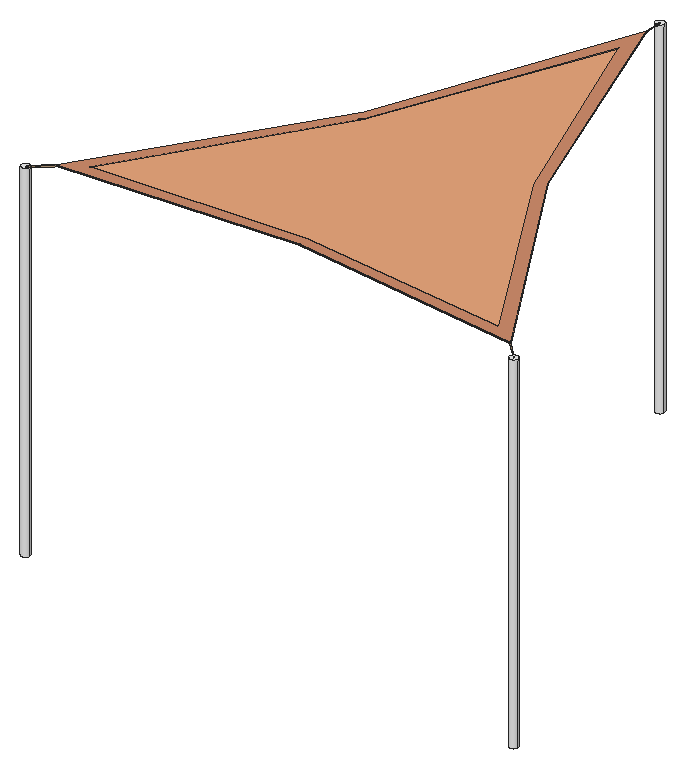
Revit family "F08386_EN_Unique-Awning", category Specialty Equipment, Revit 2023
Family settings
  Round Connector Dimension = Use Diameter
  Part Type = Normal
  Work Plane-Based = Yes
  Enable Cutting in Views = No
  Always vertical = Yes
  Cut with Voids When Loaded = No
  Maintain Annotation Orientation = No
  Shared = No
  Room Calculation Point = No
Parameters (values of type "Orange")
  b [instance] = Height - 1.0 cm  # 209.0 cm
  d [instance] = 5.0 cm / 2  # 2.5 cm
  Type IFC Predefined Type = "ROOFING"
  Export Type to IFC As = "IfcCoveringType"
  Description = "Portable waterproof awning in fabric"
  Assembly Code = "MobExt"
  Rope = Blks - Fabric - Rope - Braided - 4x4 0º - Beige - 248-221-171
  Length Rope [instance] = 10.0 cm
  c [instance] = 800.0 cm
  a [instance] = if(Height < 20.0 cm, 20.0 cm, Height)  # 210.0 cm
  Website = "https://www.BlocksRvt.com/"
  Column [instance] = yes
  Columns = Blks - Metal - Matte - White - 240-240-240
  Column Diameter [instance] = 5.0 cm
  Designer = ""
  Default Elevation = 121.92 cm
  Contact = "info@blocksrvt.com"  # constant formula
  Length [instance] = 300.0 cm
  Type Comments = "Unique Awning"  # constant formula
  Roofing Detail = Blks - Fabric - Macramê - 15x15 0º - Orange - 196-101-55
  Roofing = Blks - Fabric - Macramê - 15x15 0º - Orange - 233-138-77
  Author = "Blocks"  # constant formula
  Height [instance] = 210.0 cm
Types (4, lengths in cm): name | Roofing Detail | Roofing
  (no name) | Blks - Fabric - Macramê - 15x15 0º - Orange - 196-101-55 | Blks - Fabric - Macramê - 15x15 0º - Orange - 233-138-77
  Orange | Blks - Fabric - Macramê - 15x15 0º - Orange - 196-101-55 | Blks - Fabric - Macramê - 15x15 0º - Orange - 233-138-77
  Gray | Blks - Fabric - Macramê - 15x15 0º - Gray - 78-78-78 | Blks - Fabric - Macramê - 15x15 0º - Gray - 117-117-117
  Beige | Blks - Fabric - Macramê - 15x15 0º - Beige - 192-188-171 | Blks - Fabric - Macramê - 15x15 0º - Beige - 246-240-222
Reference planes (cm)
  plane 1: z = 0
  plane 2 "Center (Left/Right)": x = 0
  plane 3 "Center L/U": y = -20
  plane 4 "b": x = -137.5
  plane 5 "a": x = 147.5
  plane 6: y = 117.5
  plane 7: y = -157.5
  plane 8: x = -147.5
  plane 9: x = 137.5
  plane 10: y = 127.5
  plane 11: y = -167.5
  plane 12 "q": z = 210
  plane 13: x = -150
  plane 14: y = -170
  plane 15: x = 150
  plane 16: y = 130
Forms (cm)
  Extrusion 1, solid, material "Blks - Metal - Matte - White - 240-240-240" <- "Columns", visible <- "Column"
    sketch origin (0, 0, 0) x (1, 0, 0) y (0, 1, 0)
      loop
        circle (-0.0367, 127.5) r 2.5
      loop
        circle (-147.5, -167.5) r 2.5
      loop
        circle (147.5, -167.5) r 2.5
    from 0 to 210 <- "Height"
  Extrusion 2, solid, material "Blks - Fabric - Macramê - 15x15 0º - Orange - 233-138-77" <- "Roofing"
    sketch origin (-75.1226, -152.4, 210) x (-1, 0, 0) y (0, -1, 0)
      loop
        arc (-212.4517, 4.8785) -> (-130.4049, -125.8868) -> (-75.0015, -269.9761) r 800
        arc (-75.0015, -269.9761) -> (-19.6554, -125.7762) -> (62.3699, 5.1003) r 800
        arc (62.3699, 5.1003) -> (-75.0313, -6.9) -> (-212.4517, 4.8785) r 800
    from -0.0102 to -0.3418
  Sweep 3, solid, material "Blks - Fabric - Rope - Braided - 4x4 0º - Beige - 248-221-171" <- "Rope"
    path origin (70.5762, -152.3808, 210) x (1, 0, 0) y (0, 1, 0)
      loop
        line (-208.0762, -5.1192) -> (-218.0762, -15.1192)
    profile origin (-142.5, -162.5, 210) x (0.707107, -0.707107, 0) y (0, 0, 1)
      loop
        circle (0, -0.1938) r 0.1
  Sweep 4, solid, material "Blks - Fabric - Rope - Braided - 4x4 0º - Beige - 248-221-171" <- "Rope"
    path origin (-70.5762, -152.3808, 210) x (-1, 0, 0) y (0, -1, 0)
      loop
        line (-208.0762, 5.1192) -> (-218.0762, 15.1192)
    profile origin (142.5, -162.5, 210) x (0.707107, 0.707107, 0) y (0, 0, 1)
      loop
        circle (0, -0.1937) r 0.1
  Sweep 5, solid, material "Blks - Fabric - Rope - Braided - 4x4 0º - Beige - 248-221-171" <- "Rope"
    path origin (-70.5762, 112.3808, 210) x (-1, 0, 0) y (0, -1, 0)
      loop
        line (-70.5762, -5.1192) -> (-70.5762, -15.1192)
    profile origin (0, 122.5, 210) x (-1, 0, 0) y (0, 0, 1)
      loop
        circle (0, -0.1938) r 0.1
  Sweep 6, solid, material "Blks - Fabric - Macramê - 15x15 0º - Orange - 196-101-55" <- "Roofing Detail"
    path in 3D
      loop
        arc (137.3291, -157.2785, 209.9898) -> (-0.0913, -145.5, 209.9898) -> (-137.4925, -157.5003, 209.9898) r 800
        arc (-137.4925, -157.5003, 209.9898) -> (-55.4672, -26.6238, 209.9898) -> (-0.1211, 117.5761, 209.9898) r 800
        arc (-0.1211, 117.5761, 209.9898) -> (55.2824, -26.5132, 209.9898) -> (137.3291, -157.2785, 209.9898) r 800
    profile origin (55.2824, -26.5132, 209.9898) x (0.894397, 0.447273, 0) y (0, 0, 1)
      loop
        line (0, 0) -> (0, 0.2) -> (-6, 0.2) -> (-6, 0) -> (0, 0)
Lines and regions (cm)
  sketch lines
    curve 1: arc (-0.1211, 117.5761, 209.9898) -> (55.2824, -26.5132, 209.9898) -> (137.3291, -157.2785, 209.9898) r 800
    curve 2: arc (137.3291, -157.2785, 209.9898) -> (-0.0913, -145.5, 209.9898) -> (-137.4925, -157.5003, 209.9898) r 800
    curve 3: arc (-137.4925, -157.5003, 209.9898) -> (-55.4672, -26.6238, 209.9898) -> (-0.1211, 117.5761, 209.9898) r 800
Dimensions and locks (cm)
  equal spacing: plane 4 "b", plane 2 "Center (Left/Right)", plane 9
  "Length": plane 13 to plane 15
  equal spacing: plane 7, plane 3 "Center L/U", plane 6
  "Length": plane 14 to plane 16
  "Length Rope": plane 8 to plane 4 "b"
  "Length Rope": plane 7 to plane 11
  "Length Rope": plane 10 to plane 6
  "Length Rope": plane 9 to plane 5 "a"
  "Height": plane 12 "q" to plane 1
  profile plane to Sweep 3 sketch curve = 0.1938 cm
  profile plane to Sweep 4 sketch curve = 0.1937 cm
  profile plane to Sweep 5 sketch curve = 0.1938 cm
  "d": plane 16 to plane 10
  "d": plane 5 "a" to plane 15
  "d": plane 11 to plane 14
  "d": plane 13 to plane 8
  locked: plane 16 to Extrusion 1 sketch curve at 2.5
  locked: plane 7 to Extrusion 2 sketch curve at 12.0003
  locked: Extrusion 2 sketch curve to plane 7 at 0.0003
  "Column Diameter": diameter of Extrusion 1 sketch curve  (x3)
  aligned and locked: level to plane 1
  aligned and locked: plane 4 "b" to Sweep 3 sketch curve
  aligned and locked: Sweep 3 sketch curve to plane 7
  aligned and locked: plane 10 to Sweep 5 sketch curve
  aligned and locked: plane 6 to Sweep 5 sketch curve
Automatic sketch dimensions
  Sweep 3 sketch curve to plane 8 = 0.0 cm
  Sweep 3 sketch curve to plane 11 = 0.0 cm
  Sweep 3 sketch curve to profile plane = 0.0 cm
  Sweep 4 sketch curve to plane 5 "a" = 0.0 cm
  plane 7 to Sweep 4 sketch curve = 0.0 cm
  Sweep 4 sketch curve to plane 9 = 0.0 cm
  Sweep 4 sketch curve to plane 11 = 0.0 cm
  Sweep 4 sketch curve to profile plane = 0.0 cm
  Sweep 5 sketch curve to profile plane = 0.0 cm
  Sweep 6 sketch curve to profile plane = 0.0 cm  (x2)
  profile plane to Sweep 6 sketch curve = 0.2 cm
  profile plane to Sweep 6 sketch curve = 6.0 cm
  Sweep 5 sketch curve to plane 2 "Center (Left/Right)" = 0.0 cm
  plane 6 to Extrusion 2 sketch curve = 0.0761 cm
  plane 2 "Center (Left/Right)" to Extrusion 2 sketch curve = 0.5543 cm
  plane 16 to Extrusion 2 sketch curve = 200.7998 cm
  plane 16 to Extrusion 2 sketch curve = 201.3054 cm
  Extrusion 2 sketch curve to plane 9 = 0.1709 cm
  Extrusion 2 sketch curve to plane 2 "Center (Left/Right)" = 0.1211 cm
  plane 4 "b" to Extrusion 2 sketch curve = 0.0075 cm
  Extrusion 1 sketch curve to plane 8 = 0.0 cm
  Extrusion 1 sketch curve to plane 5 "a" = 0.0 cm
  Extrusion 1 sketch curve to plane 11 = 0.0 cm  (x2)
  Extrusion 1 sketch curve to plane 2 "Center (Left/Right)" = 0.0367 cm
  radius of Sweep 3 sketch curve = 0.1 cm
  radius of Sweep 4 sketch curve = 0.1 cm
  radius of Sweep 5 sketch curve = 0.1 cm
